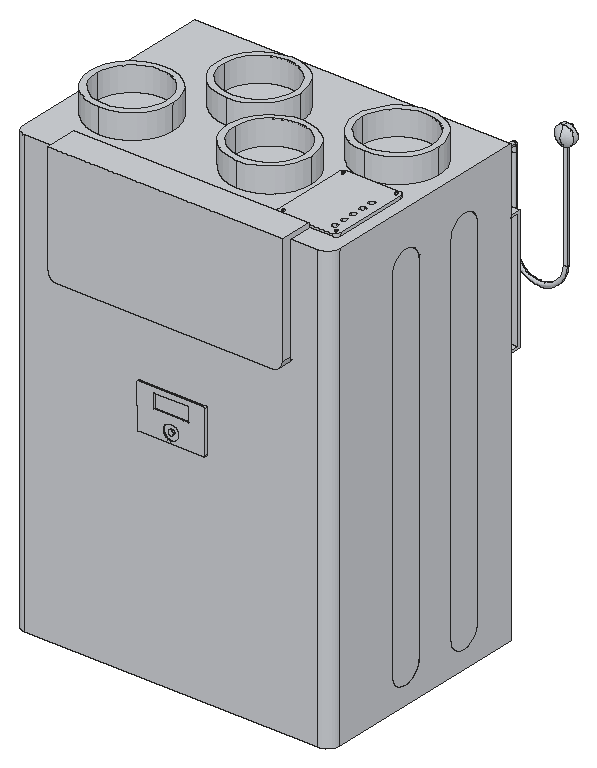
Revit family "LWZ 180_280", category Mechanical Equipment, Revit 2019
Family settings
  Round Connector Dimension = Use Diameter
  Part Type = Normal
  OmniClass Number = 23.75.00.00
  OmniClass Title = Climate Control (HVAC)
  Work Plane-Based = No
  Always vertical = Yes
  Cut with Voids When Loaded = No
  Shared = No
  Room Calculation Point = No
Reference planes
  plane 1 "Center (Front/Back)": y = 0
  plane 2: z = 0
  plane 3 "Center (Left/Right)": x = 0
Forms (mm)
  Extrusion 1, solid
    sketch origin (5, 0, 0) x (1, 0, 0) y (0, 1, 0)
      loop
        line (60.37, -76.407) -> (60.37, -532.915)
        arc (60.37, -532.915) -> (67.046, -549.032) -> (83.163, -555.708) r 22.793
        line (83.163, -555.708) -> (703.163, -555.708)
        arc (703.163, -555.708) -> (722.068, -547.878) -> (729.899, -528.973) r 26.735
        line (729.899, -528.973) -> (729.899, -76.407) -> (60.37, -76.407)
    from 0 to 944
  Extrusion 2, solid
    sketch origin (0, 0, 0) x (1, 0, 0) y (0, 0, 1)
      loop
        arc (152.795, 719.55) -> (158.619, 705.489) -> (172.68, 699.664) r 19.885
        line (172.68, 699.664) -> (629.974, 699.664)
        arc (629.974, 699.664) -> (644.032, 705.487) -> (649.855, 719.545) r 19.881
        line (649.855, 719.545) -> (649.855, 953.714) -> (152.795, 953.714) -> (152.795, 719.55)
    from 506.81 to 575.731
  Extrusion 3, solid
    sketch origin (0, 0, 0) x (1, 0, 0) y (0, 0, 1)
      loop
        line (470.111, 564.556) -> (332.535, 564.863)
        arc (332.535, 564.863) -> (330.425, 563.989) -> (329.551, 561.88) r 2.984
        line (329.551, 561.88) -> (329.858, 472.014)
        arc (329.858, 472.014) -> (330.642, 470.122) -> (332.533, 469.339) r 2.675
        line (332.533, 469.339) -> (470.116, 469.339)
        arc (470.116, 469.339) -> (472.01, 470.123) -> (472.795, 472.018) r 2.68
        line (472.795, 472.018) -> (472.795, 561.872)
        arc (472.795, 561.872) -> (472.009, 563.77) -> (470.111, 564.556) r 2.684
    from 555.708 to 560.255
  Extrusion 4, void
    sketch origin (0, 0, 0) x (-1, 0, 0) y (0, 0, 1)
      loop
        line (-438.606, 554.224) -> (-438.606, 523.405) -> (-364.047, 523.409) -> (-364.041, 554.227) -> (-438.606, 554.224)
      loop
        arc (-384.777, 490.801) -> (-389.622, 502.497) -> (-401.318, 507.343) r 16.544
        arc (-401.318, 507.343) -> (-411.86, 503.555) -> (-417.575, 493.92) r 16.548
        arc (-417.575, 493.92) -> (-414.076, 480.262) -> (-401.318, 474.26) r 16.546
        arc (-401.318, 474.26) -> (-389.622, 479.106) -> (-384.777, 490.801) r 16.544
      loop
        arc (-406.596, 490.913) -> (-405.052, 487.185) -> (-401.323, 485.64) r 5.274
        arc (-401.323, 485.64) -> (-397.595, 487.185) -> (-396.051, 490.913) r 5.274
        arc (-396.051, 490.913) -> (-397.595, 494.641) -> (-401.323, 496.186) r 5.274
        arc (-401.323, 496.186) -> (-405.052, 494.641) -> (-406.596, 490.913) r 5.274
    from -562.73 to -558.237
  Extrusion 5, solid
    sketch origin (0, 0, 0) x (1, 0, 0) y (0, 1, 0)
      loop
        arc (268.699, -388.909) -> (242.691, -327.156) -> (180.636, -301.877) r 87.556
        arc (180.636, -301.877) -> (118.882, -327.884) -> (93.604, -389.94) r 87.55
        arc (93.604, -389.94) -> (119.613, -451.692) -> (181.668, -476.972) r 87.556
        arc (181.668, -476.972) -> (243.418, -450.961) -> (268.699, -388.909) r 87.562
      loop
        arc (238.598, -233.447) -> (264.607, -295.199) -> (326.661, -320.479) r 87.556
        arc (326.661, -320.479) -> (388.408, -294.467) -> (413.684, -232.416) r 87.554
        arc (413.684, -232.416) -> (387.68, -170.664) -> (325.63, -145.384) r 87.548
        arc (325.63, -145.384) -> (263.876, -171.391) -> (238.598, -233.447) r 87.55
      loop
        arc (560.513, -387.19) -> (534.506, -325.436) -> (472.45, -300.158) r 87.55
        arc (472.45, -300.158) -> (410.696, -326.165) -> (385.418, -388.221) r 87.55
        arc (385.418, -388.221) -> (411.427, -449.973) -> (473.481, -475.253) r 87.556
        arc (473.481, -475.253) -> (535.234, -449.244) -> (560.513, -387.19) r 87.556
      loop
        arc (705.504, -230.697) -> (679.495, -168.945) -> (617.441, -143.665) r 87.556
        arc (617.441, -143.665) -> (555.687, -169.672) -> (530.409, -231.728) r 87.55
        arc (530.409, -231.728) -> (556.418, -293.48) -> (618.472, -318.76) r 87.556
        arc (618.472, -318.76) -> (680.223, -292.75) -> (705.504, -230.697) r 87.562
      loop
        circle (326.131, -232.926) r 75
      loop
        circle (617.944, -231.2) r 75
      loop
        circle (472.973, -387.698) r 75
      loop
        circle (181.159, -389.417) r 75
    from 933.301 to 995.719
  Extrusion 6, void
    sketch origin (0, 0, 0) x (0, -1, 0) y (0, 0, 1)
      loop
        line (162.746, 830.2) -> (162.746, 74.2)
        arc (162.746, 74.2) -> (200.246, 36.7) -> (237.746, 74.2) r 37.5
        line (237.746, 74.2) -> (237.746, 830.2)
        arc (237.746, 830.2) -> (200.246, 867.7) -> (162.746, 830.2) r 37.5
      loop
        line (317.946, 830.2) -> (317.946, 74.2)
        arc (317.946, 74.2) -> (355.446, 36.7) -> (392.946, 74.2) r 37.5
        line (392.946, 74.2) -> (392.946, 830.2)
        arc (392.946, 830.2) -> (355.446, 867.7) -> (317.946, 830.2) r 37.5
    from -66.787 to -52.392
  Extrusion 7, void
    sketch origin (680, 0, 0) x (0, -1, 0) y (0, 0, 1)
      loop
        line (162.746, 830.2) -> (162.746, 74.2)
        arc (162.746, 74.2) -> (200.246, 36.7) -> (237.746, 74.2) r 37.5
        line (237.746, 74.2) -> (237.746, 830.2)
        arc (237.746, 830.2) -> (200.246, 867.7) -> (162.746, 830.2) r 37.5
      loop
        line (317.946, 830.2) -> (317.946, 74.2)
        arc (317.946, 74.2) -> (355.446, 36.7) -> (392.946, 74.2) r 37.5
        line (392.946, 74.2) -> (392.946, 830.2)
        arc (392.946, 830.2) -> (355.446, 867.7) -> (317.946, 830.2) r 37.5
    from -66.787 to -52.392
  Extrusion 8, solid
    sketch origin (0, 0, 0) x (0, 1, 0) y (0, 0, 1)
      loop
        line (-76.407, 808) -> (-76.407, 803) -> (-57.407, 803) -> (-57.407, 551) -> (-76.407, 551) -> (-76.407, 546) -> (-52.407, 546) -> (-52.407, 808) -> (-76.407, 808)
    from 65.37 to 734.899
  Extrusion 9, void
    sketch origin (0, 0, 0) x (-1, 0, 0) y (0, 0, 1)
      loop
        arc (-110.011, 782.166) -> (-105.943, 783.851) -> (-104.257, 787.919) r 5.754
        arc (-104.257, 787.919) -> (-105.943, 791.988) -> (-110.011, 793.673) r 5.754
        arc (-110.011, 793.673) -> (-114.08, 791.988) -> (-115.765, 787.919) r 5.754
        arc (-115.765, 787.919) -> (-114.08, 783.851) -> (-110.011, 782.166) r 5.754
      loop
        arc (-162.322, 782.166) -> (-158.253, 783.851) -> (-156.568, 787.919) r 5.754
        arc (-156.568, 787.919) -> (-158.253, 791.988) -> (-162.322, 793.673) r 5.754
        arc (-162.322, 793.673) -> (-166.391, 791.988) -> (-168.076, 787.919) r 5.754
        arc (-168.076, 787.919) -> (-166.391, 783.851) -> (-162.322, 782.166) r 5.754
      loop
        line (-141.915, 728.282) -> (-141.92, 623.642)
        arc (-141.92, 623.642) -> (-136.162, 617.896) -> (-130.412, 623.65) r 5.754
        line (-130.412, 623.65) -> (-130.412, 728.288)
        arc (-130.412, 728.288) -> (-136.167, 734.04) -> (-141.915, 728.282) r 5.752
      loop
        arc (-115.765, 564.01) -> (-114.08, 559.942) -> (-110.011, 558.256) r 5.754
        arc (-110.011, 558.256) -> (-105.943, 559.942) -> (-104.257, 564.01) r 5.754
        arc (-104.257, 564.01) -> (-105.943, 568.079) -> (-110.011, 569.764) r 5.754
        arc (-110.011, 569.764) -> (-114.08, 568.079) -> (-115.765, 564.01) r 5.754
      loop
        line (-244.984, 670.21) -> (-224.056, 670.21)
        arc (-224.056, 670.21) -> (-218.306, 675.962) -> (-224.05, 681.72) r 5.755
        line (-224.05, 681.72) -> (-244.978, 681.72)
        arc (-244.978, 681.72) -> (-250.729, 675.968) -> (-244.984, 670.21) r 5.755
      loop
        line (-328.683, 670.21) -> (-307.754, 670.21)
        arc (-307.754, 670.21) -> (-302.008, 675.967) -> (-307.757, 681.72) r 5.755
        line (-307.757, 681.72) -> (-328.683, 681.72)
        arc (-328.683, 681.72) -> (-334.438, 675.965) -> (-328.683, 670.21) r 5.755
      loop
        line (-412.389, 670.21) -> (-391.462, 670.21)
        arc (-391.462, 670.21) -> (-385.712, 675.963) -> (-391.457, 681.72) r 5.755
        line (-391.457, 681.72) -> (-412.385, 681.72)
        arc (-412.385, 681.72) -> (-418.135, 675.967) -> (-412.389, 670.21) r 5.755
      loop
        line (-496.09, 670.21) -> (-475.161, 670.21)
        arc (-475.161, 670.21) -> (-469.415, 675.967) -> (-475.164, 681.72) r 5.755
        line (-475.164, 681.72) -> (-496.09, 681.72)
        arc (-496.09, 681.72) -> (-501.845, 675.965) -> (-496.09, 670.21) r 5.755
      loop
        line (-579.796, 670.21) -> (-558.869, 670.21)
        arc (-558.869, 670.21) -> (-553.118, 675.962) -> (-558.863, 681.72) r 5.755
        line (-558.863, 681.72) -> (-579.791, 681.72)
        arc (-579.791, 681.72) -> (-585.541, 675.968) -> (-579.796, 670.21) r 5.755
      loop
        arc (-641.521, 670.211) -> (-637.453, 671.896) -> (-635.767, 675.965) r 5.754
        arc (-635.767, 675.965) -> (-637.453, 680.034) -> (-641.521, 681.719) r 5.754
        arc (-641.521, 681.719) -> (-645.592, 680.036) -> (-647.275, 675.965) r 5.747
        arc (-647.275, 675.965) -> (-645.592, 671.894) -> (-641.521, 670.211) r 5.747
      loop
        arc (-693.833, 681.719) -> (-697.902, 680.034) -> (-699.587, 675.965) r 5.754
        arc (-699.587, 675.965) -> (-697.902, 671.896) -> (-693.833, 670.211) r 5.754
        arc (-693.833, 670.211) -> (-689.765, 671.896) -> (-688.08, 675.965) r 5.754
        arc (-688.08, 675.965) -> (-689.765, 680.034) -> (-693.833, 681.719) r 5.754
      loop
        arc (-693.835, 569.77) -> (-699.588, 564.012) -> (-693.83, 558.259) r 5.756
        line (-693.83, 558.259) -> (-641.522, 558.259)
        arc (-641.522, 558.259) -> (-635.781, 564.017) -> (-641.527, 569.77) r 5.756
        line (-641.527, 569.77) -> (-693.835, 569.77)
      loop
        arc (-641.522, 782.166) -> (-635.779, 787.921) -> (-641.527, 793.672) r 5.753
        line (-641.527, 793.672) -> (-693.835, 793.672)
        arc (-693.835, 793.672) -> (-699.586, 787.917) -> (-693.83, 782.166) r 5.753
        line (-693.83, 782.166) -> (-641.522, 782.166)
      loop
        arc (-162.322, 558.256) -> (-158.253, 559.942) -> (-156.568, 564.01) r 5.754
        arc (-156.568, 564.01) -> (-158.253, 568.079) -> (-162.322, 569.764) r 5.754
        arc (-162.322, 569.764) -> (-166.391, 568.079) -> (-168.076, 564.01) r 5.754
        arc (-168.076, 564.01) -> (-166.391, 559.942) -> (-162.322, 558.256) r 5.754
    from -60.158 to -47.432
  Extrusion 10, solid
    sketch origin (0, 0, 0) x (1, 0, 0) y (0, 0, 1)
      loop
        line (697.633, 942.438) -> (697.633, 907.041) -> (733.336, 907.041) -> (733.336, 942.438) -> (697.633, 942.438)
    from 75.387 to 76.397
  Sweep 11, solid
    path origin (1429.875, 0, -10.863) x (-1, 0, 0) y (0, 0, -1)
      loop
        line (714.491, -920.837) -> (714.491, -742.394)
        arc (714.491, -742.394) -> (659.785, -687.688) -> (605.079, -742.394) r 54.706
        line (605.079, -742.394) -> (605.079, -969.413)
    profile origin (715.383, 0, 820.752) x (0, -1, 0) y (1, 0, 0)
      loop
        circle (42.5, 0) r 4
  Sweep 12, solid
    path origin (0, 0, 0) x (0, 1, 0) y (0, 0, 1)
      loop
        line (-75.387, 924.739) -> (-46.516, 924.739)
        arc (-46.516, 924.739) -> (-43.676, 923.563) -> (-42.5, 920.723) r 4.016
        line (-42.5, 920.723) -> (-42.5, 909.973)
    profile origin (0, -60.951, 924.739) x (0, 0, 1) y (1, 0, 0)
      loop
        circle (0, 715.485) r 4
  Extrusion 13, solid
    sketch origin (0, 0, 0) x (1, 0, 0) y (0, 0, 1)
      loop
        circle (714.917, 923.743) r 12.334
    from 67.885 to 76.407
  Revolve 14, solid
    sketch origin (824.796, -0.625, -0.625) x (0, 1, 0) y (0, 0, 1)
      loop
        line (-37.196, 958.549) -> (-37.196, 979.174) -> (-57.395, 979.174)
        arc (-57.395, 979.174) -> (-53.988, 967.784) -> (-46.5, 958.549) r 30.634
        line (-46.5, 958.549) -> (-37.196, 958.549)
      axis (-37.196, 979.174) -> (-57.395, 979.174)
    angle from 0 to 360
  Revolve 15, solid
    sketch origin (824.952, 0, -12.598) x (0, 1, 0) y (0, 0, 1)
      loop
        line (-37.821, 1002.193) -> (-25.72, 1002.193)
        arc (-25.72, 1002.193) -> (-26.378, 1003.598) -> (-27.821, 1004.171) r 2.105
        line (-27.821, 1004.171) -> (-37.821, 1004.171) -> (-37.821, 1002.193)
      axis (-37.821, 1002.193) -> (-25.72, 1002.193)
    angle from 0 to 360
  Revolve 16, solid
    sketch origin (814.961, 0, -26.893) x (0, 1, 0) y (0, 0, 1)
      loop
        line (-37.821, 1002.193) -> (-25.72, 1002.193)
        arc (-25.72, 1002.193) -> (-26.378, 1003.598) -> (-27.821, 1004.171) r 2.105
        line (-27.821, 1004.171) -> (-37.821, 1004.171) -> (-37.821, 1002.193)
      axis (-37.821, 1002.193) -> (-25.72, 1002.193)
    angle from 0 to 360
  Revolve 17, solid
    sketch origin (834.8, 0, -26.75) x (0, 1, 0) y (0, 0, 1)
      loop
        line (-37.821, 1002.193) -> (-25.72, 1002.193)
        arc (-25.72, 1002.193) -> (-26.378, 1003.598) -> (-27.821, 1004.171) r 2.105
        line (-27.821, 1004.171) -> (-37.821, 1004.171) -> (-37.821, 1002.193)
      axis (-37.821, 1002.193) -> (-25.72, 1002.193)
    angle from 0 to 360
  Extrusion 18, solid
    sketch origin (0, 0, 0) x (1, 0, 0) y (0, 0, 1)
      loop
        arc (123.492, 29.455) -> (127.709, 31.205) -> (129.466, 35.419) r 5.985
        arc (129.466, 35.419) -> (127.711, 39.635) -> (123.492, 41.382) r 5.978
        arc (123.492, 41.382) -> (119.275, 39.635) -> (117.529, 35.419) r 5.962
        arc (117.529, 35.419) -> (119.277, 31.204) -> (123.492, 29.455) r 5.969
      loop
        arc (670.256, 29.455) -> (674.473, 31.205) -> (676.23, 35.419) r 5.985
        arc (676.23, 35.419) -> (674.475, 39.635) -> (670.256, 41.382) r 5.978
        arc (670.256, 41.382) -> (666.041, 39.633) -> (664.293, 35.419) r 5.969
        arc (664.293, 35.419) -> (666.043, 31.206) -> (670.256, 29.455) r 5.976
    from 52.407 to 76.407
  Extrusion 19, solid
    sketch origin (0, 0, 0) x (1, 0, 0) y (0, 0, 1)
      loop
        arc (138.163, 35.419) -> (133.867, 45.788) -> (123.498, 50.084) r 14.667
        arc (123.498, 50.084) -> (113.126, 45.79) -> (108.833, 35.419) r 14.66
        arc (108.833, 35.419) -> (113.128, 25.049) -> (123.498, 20.753) r 14.667
        arc (123.498, 20.753) -> (133.865, 25.051) -> (138.163, 35.419) r 14.673
      loop
        arc (684.928, 35.419) -> (680.632, 45.788) -> (670.262, 50.084) r 14.667
        arc (670.262, 50.084) -> (659.891, 45.79) -> (655.597, 35.419) r 14.66
        arc (655.597, 35.419) -> (659.893, 25.049) -> (670.262, 20.753) r 14.667
        arc (670.262, 20.753) -> (680.63, 25.051) -> (684.928, 35.419) r 14.673
    from 52.407 to 64.879
  Extrusion 20, solid
    sketch origin (0, 0, 0) x (1, 0, 0) y (0, 1, 0)
      loop
        line (697.777, -324.123) -> (586.029, -324.781)
        arc (586.029, -324.781) -> (579.11, -327.647) -> (576.244, -334.566) r 9.785
        line (576.244, -334.566) -> (577.189, -494.944)
        arc (577.189, -494.944) -> (580.056, -501.865) -> (586.977, -504.732) r 9.788
        line (586.977, -504.732) -> (698.721, -504.074)
        arc (698.721, -504.074) -> (705.64, -501.208) -> (708.505, -494.29) r 9.784
        line (708.505, -494.29) -> (707.561, -333.907)
        arc (707.561, -333.907) -> (704.695, -326.988) -> (697.777, -324.123) r 9.784
    from 944 to 949.349
  Extrusion 21, void
    sketch origin (0, 0, 0) x (1, 0, 0) y (0, 1, 0)
      loop
        circle (685.984, -383.877) r 6
      loop
        circle (685.984, -407.918) r 6
      loop
        circle (685.984, -432.434) r 6
      loop
        circle (685.984, -456.945) r 6
      loop
        circle (685.984, -481.472) r 6
    from 944 to 949.349
  Extrusion 22, solid
    sketch origin (0, 0, 0) x (1, 0, 0) y (0, 1, 0)
      loop
        line (585.439, -332.341) -> (583.853, -333.927) -> (584.433, -336.092) -> (586.599, -336.673) -> (588.185, -335.087) -> (587.604, -332.921) -> (585.439, -332.341)
      loop
        line (697.195, -331.716) -> (695.609, -333.302) -> (696.19, -335.467) -> (698.356, -336.048) -> (699.941, -334.462) -> (699.361, -332.296) -> (697.195, -331.716)
      loop
        line (586.441, -492.857) -> (584.856, -494.443) -> (585.436, -496.608) -> (587.602, -497.189) -> (589.187, -495.603) -> (588.607, -493.437) -> (586.441, -492.857)
      loop
        line (698.16, -492.232) -> (696.575, -493.818) -> (697.155, -495.983) -> (699.321, -496.564) -> (700.906, -494.978) -> (700.326, -492.812) -> (698.16, -492.232)
    from 949.349 to 951.5
Cuts and joins
  Extrusion 4 cuts Extrusion 3
  Extrusion 6, Extrusion 7, Extrusion 21 cuts Extrusion 1
  Extrusion 9 cuts Extrusion 8
  Extrusion 21 cuts Extrusion 20
Dimensions and locks
  cut or joined group of Extrusion 1, Extrusion 6, Extrusion 7, Extrusion 21 to Extrusion 6 sketch curve = 76.3 mm
  aligned and locked: level to plane 2
Connectors
  hvac at (326.131, -232.926, 995.719)
    settings: on Extrusion 5, index 1, duct flow 0 CFM, flow factor 0, pres drop 0.00 in-wg, loss coef 0, conn angle 0.00°, conn width 12", conn height 12", conn diameter 5.90551", duct sys type 29, conn prof type 0, flow config 0, flow direction 0, loss method 0, conn ref index -1, conn util no, is conn primary yes, conn desc ""
  hvac at (617.944, -231.2, 995.719)
    settings: on Extrusion 5, index 2, duct flow 0 CFM, flow factor 0, pres drop 0.00 in-wg, loss coef 0, conn angle 0.00°, conn width 12", conn height 12", conn diameter 5.90551", duct sys type 3, conn prof type 0, flow config 0, flow direction 0, loss method 0, conn ref index -1, conn util no, is conn primary no, conn desc ""
  hvac at (472.973, -387.698, 995.719)
    settings: on Extrusion 5, index 3, duct flow 0 CFM, flow factor 0, pres drop 0.00 in-wg, loss coef 0, conn angle 0.00°, conn width 12", conn height 12", conn diameter 5.90551", duct sys type 29, conn prof type 0, flow config 0, flow direction 0, loss method 0, conn ref index -1, conn util no, is conn primary no, conn desc ""
  hvac at (181.159, -389.417, 995.719)
    settings: on Extrusion 5, index 4, duct flow 0 CFM, flow factor 0, pres drop 0.00 in-wg, loss coef 0, conn angle 0.00°, conn width 12", conn height 12", conn diameter 5.90551", duct sys type 1, conn prof type 0, flow config 0, flow direction 0, loss method 0, conn ref index -1, conn util no, is conn primary no, conn desc ""
